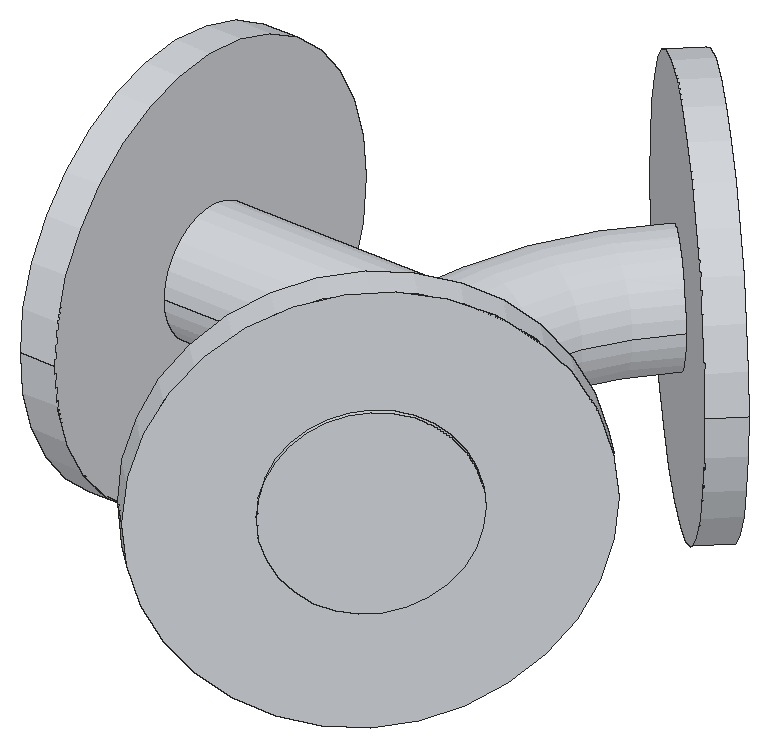
Revit family "22da89d0fe6c4f1589eae41c771c5fea", category Pipe Fittings, Revit 2021
Family settings
  Round Connector Dimension = Use Radius
  Part Type = Wye
  OmniClass Number = 23.60.30.11.14
  OmniClass Title = Pipework Fittings
  Seek Item ID = Wye True - Flanged - CS - Class 150-0000-USA-ENU
  Work Plane-Based = No
  Always vertical = Yes
  Cut with Voids When Loaded = No
  Shared = No
Parameters (values of type "Standard")
  Wall Thickness [instance] = size_lookup(Lookup Table Name, "WThk", 0.02 * Nominal Diameter + 45/256", Nominal Diameter)  # 0.15748"
  Loss Method = Not Defined
  Lookup Table Name = "Wye True - Flanged - CS - Class 150"
  Length C3 2 [instance] = Length 6 + Radius 2 - Radius 2 * cos(Angle 4) + Flange and Raised Face Thickness * sin(Angle 4)  # 2.47766"
  Length C3 1 [instance] = Radius 2 * sin(Angle 4) + Flange and Raised Face Thickness * cos(Angle 4)  # 2.47766"
  Length C2 2 [instance] = Length 6 + Radius 1 - Radius 1 * cos(Angle 3) + Flange and Raised Face Thickness * sin(Angle 3)  # 2.47766"
  Length C2 1 [instance] = Radius 1 * sin(Angle 3) + Flange and Raised Face Thickness * cos(Angle 3)  # 2.47766"
  Length 10 [instance] = Flange and Raised Face Thickness  # 0.44045"
  Tick Size [instance] = Flange Outside Diameter * 0.4  # 1.73228"
  Short Center to Contact Surface [instance] = size_lookup(Lookup Table Name, "SCtCS", 0.31 * Nominal Diameter + 1 95/128", Nominal Diameter)  # 1.73228"
  Raised Face Thickness [instance] = 1/16"  # constant formula
  Raised Face Radius [instance] = Raised Face Diameter / 2  # 1"
  Raised Face Diameter [instance] = size_lookup(Lookup Table Name, "RFD", 1.1 * Nominal Diameter + 1 67/128", Nominal Diameter)  # 2"
  Radius 1 [instance] = if(Flange Outside Diameter / 2 > Length 3 * tan(Angle 1), Flange Outside Diameter / 2 + 31/256", Length 3 * tan(Angle 1))  # 3.06348"
  Radius 2 [instance] = if(Flange Outside Diameter / 2 > sin(Angle 2) * Length 6 / (1 - sin(Angle 2)), Flange Outside Diameter / 2 + 31/256", sin(Angle 2) * Length 6 / (1 - sin(Angle 2)))  # 3.06348"
  Length 8 [instance] = Flange and Raised Face Thickness - Raised Face Thickness  # 0.37795"
  Length 7 [instance] = Length 3 + Flange and Raised Face Thickness  # 3.50394"
  Length 6 [instance] = Length 4 - Radius 1  # 1.26894"
  Length 4 [instance] = Radius 1 / sin(Angle 1)  # 4.33242"
  Length 5 [instance] = Radius 2 + Length 6  # 4.33242"
  Length 3 [instance] = if(Length 1 < Length 2, Center to Contact Surface - Flange and Raised Face Thickness, Length 1 / sin(Angle 5))  # 3.06348"
  Length 2 [instance] = (Center to Contact Surface - Flange and Raised Face Thickness) * sin(Angle 5)  # 2.16621"
  Length 1 [instance] = Flange Outside Radius * cos(Angle 5)  # 1.53114"
  Flange Thickness [instance] = size_lookup(Lookup Table Name, "FThk", 0.06 * Nominal Diameter + 63/128", Nominal Diameter)  # 0.37795"
  Fitting Outside Radius [instance] = Fitting Outside Diameter / 2  # 0.64961"
  Fitting Outside Diameter [instance] = Fitting Inside Diameter + Wall Thickness * 2  # 1.29921"
  Default Elevation = 0' - 0"
  Center to Contact Surface [instance] = size_lookup(Lookup Table Name, "CtCS", 0.78 * Nominal Diameter + 3 3/64", Nominal Diameter)  # 3.50394"
  Nominal Radius [instance] = 1/2"
  Nominal Diameter [instance] = Nominal Radius * 2  # 1"
  Flange and Raised Face Thickness [instance] = Flange Thickness + Raised Face Thickness  # 0.44045"
  Flange Outside Radius [instance] = Flange Outside Diameter / 2  # 2.16535"
  Flange Outside Diameter [instance] = size_lookup(Lookup Table Name, "FOD", 1.23 * Nominal Diameter + 3 89/128", Nominal Diameter)  # 4.33071"
  Fitting Inside Diameter [instance] = size_lookup(Lookup Table Name, "FID", 0.98 * Nominal Diameter + 23/256", Nominal Diameter)  # 0.98425"
  Angle 5 [instance] = if(Angle 1 < Angle 2, Angle 1, Angle 2)  # 45.00°
  Angle 3 [instance] = 90.00° - Angle 1  # 45.00°
  Angle 4 [instance] = 90.00° - Angle 2  # 45.00°
  Angle 1 [instance] = 45.00°
  Angle 2 [instance] = 45.00°
Reference planes (in)
  plane 1 "Center (Front/Back)": y = 0
  plane 2: z = 0
  plane 3 "Center (Left/Right)": x = 0
  plane 4: x = -1.73228
  plane 5: x = -1.29183
  plane 6: x = 4.33242
  plane 7: x = 1.26894
  plane 8: x = 4.33242
  plane 9: x = 1.26894
  plane 10: y = 1.73228
  plane 11: y = -1.73228
  plane 12: x = -1.66978
  plane 13: y = 2.47766
  plane 14: x = 2.47766
  plane 15: y = -2.47766
  plane 16: x = 2.47766
Forms (in)
  Sweep 1, solid, detail levels fine
    path in 3D
      loop
        line (-1.29183, 0, 0) -> (1.26894, 0, 0)
    profile origin (-0.01145, 0, 0) x (0, 1, 0) y (0, 0, 1)
      loop
        circle (0, 0) r 0.64961
  Sweep 2, solid, detail levels fine
    path in 3D
      loop
        line (-1.66978, 0, 0) -> (-1.29183, 0, 0)
    profile origin (-1.48081, 0, 0) x (0, 1, 0) y (0, 0, 1)
      loop
        circle (0, 0) r 2.16535
  Sweep 3, solid, detail levels fine
    path in 3D
      loop
        arc (1.26894, 0, 0) -> (1.50213, 1.17234, 0) -> (2.16621, 2.16621, 0) r 3.06348
    profile origin (1.50213, 1.17234, 0) x (-0.92388, 0.382683, 0) y (0, 0, 1)
      loop
        circle (0, 0) r 0.64961
  Sweep 4, solid, detail levels fine
    path in 3D
      loop
        arc (1.26894, 0, 0) -> (1.50213, -1.17234, 0) -> (2.16621, -2.16621, 0) r 3.06348
    profile origin (1.50213, -1.17234, 0) x (0.92388, 0.382683, 0) y (0, 0, 1)
      loop
        circle (0, 0) r 0.64961
  Sweep 5, solid, detail levels fine
    path in 3D
      loop
        line (-1.73228, 0, 0) -> (-1.66978, 0, 0)
    profile origin (-1.70103, 0, 0) x (0, 1, 0) y (0, 0, 1)
      loop
        circle (0, 0) r 1
  Sweep 6, solid, detail levels fine
    path in 3D
      loop
        line (2.47766, 2.47766, 0) -> (2.16621, 2.16621, 0)
    profile origin (2.32193, 2.32193, 0) x (0.707107, -0.707107, 0) y (0, 0, 1)
      loop
        circle (0, 0) r 2.16535
  Sweep 7, void
    path in 3D
      loop
        line (2.47766, 2.47766, 0) -> (2.43346, 2.43346, 0)
    profile origin (2.45556, 2.45556, 0) x (0.707107, -0.707107, 0) y (0, 0, 1)
      loop
        circle (0, 0) r 2.16535
      loop
        circle (0, 0) r 1
  Sweep 8, solid, detail levels fine
    path in 3D
      loop
        line (2.47766, -2.47766, 0) -> (2.16621, -2.16621, 0)
    profile origin (2.32193, -2.32193, 0) x (-0.707107, -0.707107, 0) y (0, 0, 1)
      loop
        circle (0, 0) r 2.16535
  Sweep 9, void
    path in 3D
      loop
        line (2.47766, -2.47766, 0) -> (2.43346, -2.43346, 0)
    profile origin (2.45556, -2.45556, 0) x (-0.707107, -0.707107, 0) y (0, 0, 1)
      loop
        circle (0, 0) r 2.16535
      loop
        circle (0, 0) r 1
Cuts and joins
  Sweep 7 cuts Sweep 3
  Sweep 9 cuts Sweep 4
  Sweep 7 cuts Sweep 6
  Sweep 9 cuts Sweep 8
  joined: Sweep 1, Sweep 2, Sweep 3, Sweep 4, Sweep 5, Sweep 6, Sweep 8
Lines and regions (in)
  model lines, detail levels coarse+medium
    curve 1: line (-1.66978, 0, 0) -> (-1.29183, 0, 0)
    curve 2: line (-1.29183, 0, 0) -> (0, 0, 0)
    curve 3: arc (1.26894, 0, 0) -> (1.50213, 1.17234, 0) -> (2.16621, 2.16621, 0) r 3.06348
    curve 4: arc (1.26894, 0, 0) -> (1.50213, -1.17234, 0) -> (2.16621, -2.16621, 0) r 3.06348
    curve 5: line (-1.29183, 0, 0) -> (1.26894, 0, 0)
    curve 6: line (-1.29183, 0, 0) -> (1.26894, 0, 0)
    curve 11: line (-1.73228, 1.73228, 0) -> (-1.73228, -1.73228, 0)
    curve 13: line (-1.73228, 0, 0) -> (-1.66978, 0, 0)
    curve 15: line (2.47766, 2.47766, 0) -> (2.16621, 2.16621, 0)
    curve 20: line (2.47766, -2.47766, 0) -> (2.16621, -2.16621, 0)
    curve 25: line (2.47766, 2.47766, 0) -> (3.70257, 1.25275, 0)
    curve 26: line (2.47766, 2.47766, 0) -> (1.25275, 3.70257, 0)
    curve 27: line (2.47766, -2.47766, 0) -> (3.70257, -1.25275, 0)
    curve 28: line (2.47766, -2.47766, 0) -> (1.25275, -3.70257, 0)
  sketch lines
    curve 7: line (-1.29183, 0, 0) -> (1.26894, 0, 0)
    curve 8: line (-1.66978, 0, 0) -> (-1.29183, 0, 0)
    curve 9: arc (1.26894, 0, 0) -> (1.50213, 1.17234, 0) -> (2.16621, 2.16621, 0) r 3.06348
    curve 10: arc (1.26894, 0, 0) -> (1.50213, -1.17234, 0) -> (2.16621, -2.16621, 0) r 3.06348
    curve 14: line (-1.73228, 0, 0) -> (-1.66978, 0, 0)
    curve 16: line (2.47766, 2.47766, 0) -> (2.16621, 2.16621, 0)
    curve 18: line (2.47766, 2.47766, 0) -> (2.43346, 2.43346, 0)
    curve 21: line (2.47766, -2.47766, 0) -> (2.16621, -2.16621, 0)
    curve 23: line (2.47766, -2.47766, 0) -> (2.43346, -2.43346, 0)
  reference lines
    curve 12: line (-1.73228, 0, 0) -> (-1.29183, 0, 0)
    curve 17: line (2.47766, 2.47766, 0) -> (2.43346, 2.43346, 0)
    curve 19: line (2.47766, 2.47766, 0) -> (2.16621, 2.16621, 0)
    curve 22: line (2.47766, -2.47766, 0) -> (2.43346, -2.43346, 0)
    curve 24: line (2.47766, -2.47766, 0) -> (2.16621, -2.16621, 0)
Dimensions and locks (in)
  "Flange and Raised Face Thickness": plane 4 to plane 5
  "Short Center to Contact Surface": plane 4 to plane 3 "Center (Left/Right)"
  "Length 5": plane 3 "Center (Left/Right)" to plane 6
  "Radius 2": plane 7 to plane 6
  "Length 4": plane 3 "Center (Left/Right)" to plane 8
  "Radius 1": plane 9 to plane 8
  "Tick Size": plane 10 to plane 1 "Center (Front/Back)"
  "Tick Size": plane 11 to plane 1 "Center (Front/Back)"
  "Raised Face Thickness": plane 4 to plane 12
  "Length C3 1": plane 13 to plane 1 "Center (Front/Back)"
  "Length C3 2": plane 3 "Center (Left/Right)" to plane 14
  "Flange and Raised Face Thickness": curve 15 to curve 15
  "Raised Face Thickness": curve 17 to curve 17
  "Length 10": curve 19 to curve 19
  "Length C2 1": plane 1 "Center (Front/Back)" to plane 15
  "Length C2 2": plane 3 "Center (Left/Right)" to plane 16
  "Flange and Raised Face Thickness": curve 20 to curve 20
  "Raised Face Thickness": curve 22 to curve 22
  "Length 10": curve 24 to curve 24
  "Tick Size": curve 25 to curve 25
  "Tick Size": curve 26 to curve 26
  "Tick Size": curve 28 to curve 28
  "Tick Size": curve 27 to curve 27
  "Radius 2": radius of curve 3
  "Radius 1": radius of curve 4
  "Fitting Outside Radius": radius of Sweep 1 sketch curve
  "Flange Outside Radius": radius of Sweep 2 sketch curve
  "Fitting Outside Radius": radius of Sweep 3 sketch curve
  "Fitting Outside Radius": radius of Sweep 4 sketch curve
  "Raised Face Radius": radius of Sweep 5 sketch curve
  "Flange Outside Radius": radius of Sweep 6 sketch curve
  "Flange Outside Radius": radius of Sweep 7 sketch curve
  "Raised Face Radius": radius of Sweep 7 sketch curve
  "Flange Outside Radius": radius of Sweep 8 sketch curve
  "Flange Outside Radius": radius of Sweep 9 sketch curve
  "Raised Face Radius": radius of Sweep 9 sketch curve
  "Angle 4": angle curve 3 to curve 3
  "Angle 3": angle curve 4 to curve 4
  "Angle 4": angle curve 15 to plane 14
  "Angle 4": angle curve 17 to plane 14
  "Angle 4": angle curve 19 to plane 14
  "Angle 3": angle plane 16 to curve 20
  "Angle 3": angle plane 16 to curve 22
  "Angle 3": angle plane 16 to curve 24
  locked: curve 15 to curve 25 (angle 90.00°)
  locked: curve 26 to curve 15 (angle 90.00°)
  locked: curve 27 to curve 20 (angle 90.00°)
  locked: curve 20 to curve 28 (angle 90.00°)
  aligned and locked: plane 1 "Center (Front/Back)" to curve 1
  aligned and locked: plane 1 "Center (Front/Back)" to curve 3
  aligned and locked: plane 1 "Center (Front/Back)" to curve 4
  aligned and locked: plane 5 to curve 5
  aligned and locked: plane 1 "Center (Front/Back)" to curve 5
  aligned and locked: plane 10 to curve 11
  aligned and locked: plane 11 to curve 11
  aligned and locked: curve 11 to plane 4
  aligned and locked: plane 4 to curve 12
  aligned and locked: plane 1 "Center (Front/Back)" to curve 12
  aligned and locked: plane 12 to curve 1
  aligned and locked: plane 4 to curve 13
  aligned and locked: plane 1 "Center (Front/Back)" to curve 13
  aligned and locked: plane 13 to curve 17
  aligned and locked: plane 14 to curve 17
  aligned and locked: plane 15 to curve 20
  aligned and locked: plane 16 to curve 20
  aligned and locked: plane 15 to curve 22
  aligned and locked: plane 16 to curve 22
Automatic sketch dimensions
  Sweep 1 sketch curve to profile plane = 0' - 0"  (x2)
  Sweep 2 sketch curve to profile plane = 0' - 0"  (x2)
  Sweep 3 sketch curve to profile plane = 0' - 0"  (x2)
  Sweep 4 sketch curve to profile plane = 0' - 0"  (x2)
  Sweep 5 sketch curve to profile plane = 0' - 0"  (x2)
  Sweep 6 sketch curve to profile plane = 0' - 0"  (x2)
  Sweep 7 sketch curve to Sweep 7 sketch curve = 0' - 0"  (x2)
  Sweep 7 sketch curve to profile plane = 0' - 0"  (x2)
  Sweep 8 sketch curve to profile plane = 0' - 0"  (x2)
  Sweep 9 sketch curve to Sweep 9 sketch curve = 0' - 0"  (x2)
  Sweep 9 sketch curve to profile plane = 0' - 0"  (x2)
  curve 2 to plane 3 "Center (Left/Right)" = 0' - 0"
  curve 12 to plane 5 = 0' - 0"
Connectors (in)
  piping at (-1.73228, 0, 0), diameter 1, driven by "Nominal Radius"
    settings: on Sweep 5, index 1, connector inside diameter 1", connector length 0' - 0", flow factor 0, pipe flow 0 GPM, pressure drop 0.00 psi, fitting loss kfactor 0, connector angle 0.00°, fixture units 0, engagement length 0' - 0", angle of deflection 0.00°, flow configuration 0, flow direction 0, fitting loss method 0, system type 28, joint type 0, gender type 0, connector reference index -1, connector utility 0, adjustable connector no, is connector primary yes, connector description ""
  piping at (2.47766, -2.47766, 0), diameter 1, driven by "Nominal Radius", driven by "Angle 1"
    settings: on cut or joined group of Sweep 1, Sweep 2, Sweep 3, Sweep 4, Sweep 5, Sweep 6, Sweep 7, Sweep 8, Sweep 9, index 2, connector inside diameter 1", connector length 0' - 0", flow factor 0, pipe flow 0 GPM, pressure drop 0.00 psi, fitting loss kfactor 0, connector angle 45.00°, fixture units 0, engagement length 0' - 0", angle of deflection 0.00°, flow configuration 0, flow direction 0, fitting loss method 0, system type 28, joint type 0, gender type 0, connector reference index -1, connector utility 0, adjustable connector no, is connector primary no, connector description ""
  piping at (2.47766, 2.47766, 0), diameter 1, driven by "Nominal Radius", driven by "Angle 2"
    settings: on cut or joined group of Sweep 1, Sweep 2, Sweep 3, Sweep 4, Sweep 5, Sweep 6, Sweep 7, Sweep 8, Sweep 9, index 3, connector inside diameter 1", connector length 0' - 0", flow factor 0, pipe flow 0 GPM, pressure drop 0.00 psi, fitting loss kfactor 0, connector angle 45.00°, fixture units 0, engagement length 0' - 0", angle of deflection 0.00°, flow configuration 0, flow direction 0, fitting loss method 0, system type 28, joint type 0, gender type 0, connector reference index -1, connector utility 0, adjustable connector no, is connector primary no, connector description ""
